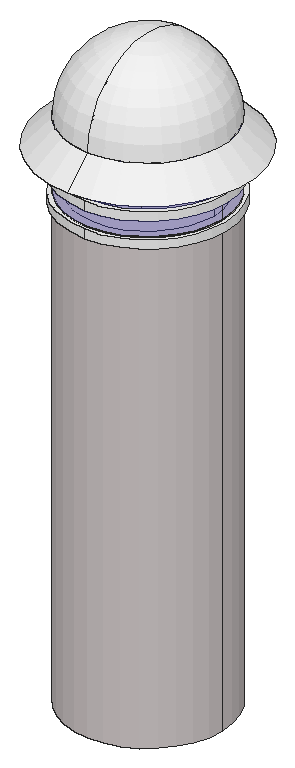
Revit family "2086adc43695417ab08fc44fdcd70f62", category Lighting Fixtures, Revit 2021
Family settings
  Round Connector Dimension = Use Diameter
  Part Type = Normal
  OmniClass Number = 23.80.70.14.11.11
  OmniClass Title = Lighting Bollards
  Seek Item ID = Bollard Light-0000-USA-ENU
  Work Plane-Based = No
  Always vertical = Yes
  Cut with Voids When Loaded = No
  Light Source = Yes
  Shared = No
  Room Calculation Point = No
Parameters (values of type "Incandescent - 277V")
  Wattage = 100 W
  built-in parameter 1150110 = 1 (stored number, unit not read)
  built-in parameter 1114217 = 1 (stored number, unit not read)
  built-in parameter 1150109 = 1 (stored number, unit not read)
  built-in parameter 1150134 = 4
  built-in parameter 1150113 = 1 (stored number, unit not read)
  Tilt Angle = 90.00°
  Stand Material = Concrete, Precast
  Shade Material = Steel, Polished
  Photometric Web File = "BL1A19.IES"
  Lumens = 1690 lm
  built-in parameter 1150115 = 1 (stored number, unit not read)
  built-in parameter 1150105 = 134.49 (stored number, unit not read)
  Load Classification = Lighting - Exterior
  built-in parameter 1150137 = 1
  built-in parameter 1150139 = (empty or 0)
  built-in parameter 1150112 = 1 (stored number, unit not read)
  built-in parameter 1150114 = 1 (stored number, unit not read)
  Lamp = "A-19"
  built-in parameter 1150132 = (empty or 0)
  built-in parameter 1150102 = (empty or 0)
  built-in parameter 1150138 = (empty or 0)
  built-in parameter 1150107 = 2800 (stored number, unit not read)
  built-in parameter 1150106 = 1.3449 (stored number, unit not read)
  built-in parameter 1150104 = 1.5701 (stored number, unit not read)
  Dimming Lamp Color Temperature Shift = <None>
  Diffuser Material = Glass
  Default Elevation = 0' - 0"
  Color Filter = 16777215
  Voltage = 277 V
  Number of Poles = 1
  built-in parameter 1114218 = 1 (stored number, unit not read)
  built-in parameter 1150133 = 10 (stored number, unit not read)
  Apparent Load = 100 VA
Types (5): name | Wattage | built-in parameter 1114217 | Photometric Web File | Lumens | built-in parameter 1150105 | Lamp | built-in parameter 1150106 | built-in parameter 1150104 | Voltage | built-in parameter 1114218 | Apparent Load
  (no name) | 100 W | 1 (stored number, unit not read) | "BL1A19.IES" | 1690 lm | 134.49 (stored number, unit not read) | "A-19" | 1.3449 (stored number, unit not read) | 1.5701 (stored number, unit not read) | 277 V | 1 (stored number, unit not read) | 100 VA
  Incandescent - 120V | 100 W | 1 (stored number, unit not read) | "BL1A19.IES" | 1690 lm | 134.49 (stored number, unit not read) | "A-19" | 1.3449 (stored number, unit not read) | 1.5701 (stored number, unit not read) | 120 V | 1 (stored number, unit not read) | 100 VA
  Incandescent - 277V | 100 W | 1 (stored number, unit not read) | "BL1A19.IES" | 1690 lm | 134.49 (stored number, unit not read) | "A-19" | 1.3449 (stored number, unit not read) | 1.5701 (stored number, unit not read) | 277 V | 1 (stored number, unit not read) | 100 VA
  Fluorescent - 120V | 26 W | 0.88 (stored number, unit not read) | "BL1CF.IES" | 1799.98 lm | 143.24 (stored number, unit not read) | 0' - 0" | 1.4324 (stored number, unit not read) | 6.4317 (stored number, unit not read) | 120 V | 0.88 (stored number, unit not read) | 26 VA
  Fluorescent - 277V | 26 W | 0.88 (stored number, unit not read) | "BL1CF.IES" | 1799.98 lm | 143.24 (stored number, unit not read) | 0' - 0" | 1.4324 (stored number, unit not read) | 6.4317 (stored number, unit not read) | 277 V | 0.88 (stored number, unit not read) | 26 VA
Reference planes (in)
  plane 1 "Light Source Axis": y = -4.5
  plane 2: z = 0
  plane 3 "Light Source Axis": x = -4.5
  plane 4 "Light Source Elevation": z = 30
  plane 5: y = 0
  plane 6: x = 0
  plane 7: y = -9
  plane 8: x = -9
  plane 9: z = 36
  plane 10: z = 31.5
  plane 11: z = 27.5
Forms (in)
  Extrusion 1, solid, material "Concrete, Precast" <- "Stand Material"
    sketch origin (0, 0, 0) x (1, 0, 0) y (0, 1, 0)
      loop
        circle (-4.5, -4.5) r 4.5
    from 0 to 27.5
  Extrusion 2, solid, material "Glass" <- "Diffuser Material"
    sketch origin (0, 0, 0) x (1, 0, 0) y (0, 1, 0)
      loop
        circle (-4.5, -4.5) r 4.5
      loop
        circle (-4.5, -4.5) r 4
    from 27.5 to 31.5
  Revolve 3, solid, material "Steel, Polished" <- "Shade Material"
    sketch origin (-4.5, 0, 0) x (0, 1, 0) y (0, 0, 1)
      loop
        line (-4.5, 36) -> (-4.5, 35.5) -> (0, 31) -> (0, 30) -> (1.5, 30) -> (0, 31.5)
        arc (0, 31.5) -> (-1.31802, 34.68198) -> (-4.5, 36) r 4.5
      loop
        line (0, 27.5) -> (0, 27) -> (0.25, 27) -> (0.25, 27.5) -> (0, 27.5)
      loop
        line (0, 29) -> (0, 28.5) -> (0.25, 28.5) -> (0.25, 29) -> (0, 29)
      axis (-4.5, 36) -> (-4.5, 27)
    angle from 0 to 360
Lines and regions (in)
  Masking region 1
    outline origin (0, 0, 0) x (1, 0, 0) y (0, 1, 0)
      loop
        circle (-4.5, -4.5) r 6
  symbolic lines, style "Exterior"
    curve 1: arc (0, -4.5, 0) -> (-4.5, 0, 0) -> (-9, -4.5, 0) r 4.5
    curve 2: arc (-9, -4.5, 0) -> (-4.5, -9, 0) -> (0, -4.5, 0) r 4.5
    curve 3: arc (1.5, -4.5, 0) -> (-4.5, 1.5, 0) -> (-10.5, -4.5, 0) r 6
    curve 4: arc (-10.5, -4.5, 0) -> (-4.5, -10.5, 0) -> (1.5, -4.5, 0) r 6
Dimensions and locks (in)
  equal spacing: plane 8, plane 3 "Light Source Axis", plane 6
  plane 8 to plane 6 = 0' - 9"
  plane 7 to plane 5 = 0' - 9"
  equal spacing: plane 7, plane 1 "Light Source Axis", plane 5
  plane 4 "Light Source Elevation" to plane 2 = 2' - 6"
  plane 9 to plane 2 = 3' - 0"
  locked: plane 9 to plane 10 at 4.5
  locked: plane 10 to plane 11 at 4
  aligned and locked: Extrusion 1 to plane 11
  aligned and locked: Extrusion 2 to plane 10
  aligned and locked: Extrusion 2 to Extrusion 1
  aligned and locked: Masking region 1 sketch curve to curve 3
  aligned and locked: plane 3 "Light Source Axis" to imposter light
  aligned and locked: plane 1 "Light Source Axis" to imposter light
  aligned and locked: plane 4 "Light Source Elevation" to imposter light
Connectors (in)
  electrical at (-4.5, -4.5, 27.5), driven by "Apparent Load", driven by "Voltage", driven by "Number of Poles", driven by "Load Classification"
    settings: on Extrusion 1, index 1, voltage 277 V, apparent load 0 VA, apparent load phase1 100 VA, apparent load phase2 0 VA, apparent load phase3 0 VA, power factor 0.95, load classification "Lighting - Exterior", number of poles 1, system type 31, power factor state 1, is connector primary yes, connector utility no, sub classification motor no, connector description ""
